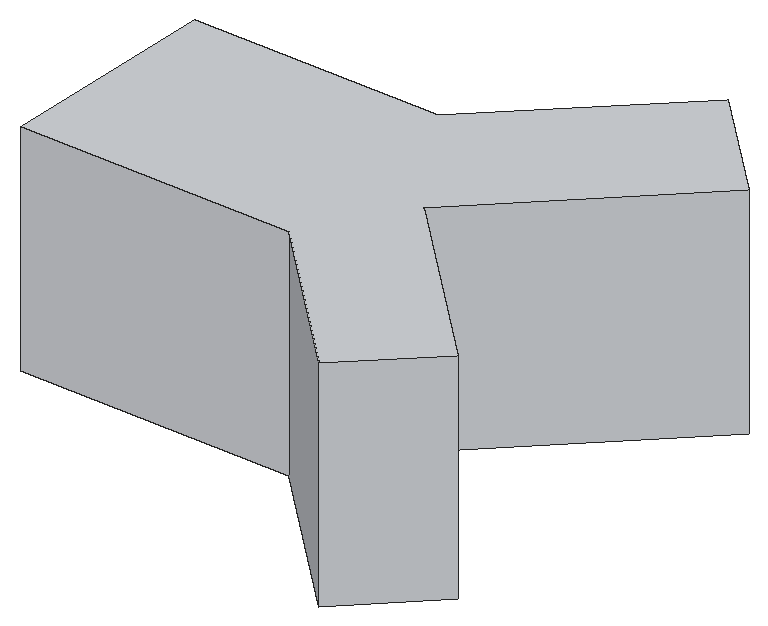
Revit family "M_Y retangular", category Conexões de duto, Revit 2019
Family settings
  Cota do conector redondo = Utilizar diâmetro
  Tipo de parte = Ipsílon
  Número OmniClass = 23.75.70.14
  Título OmniClass = Air Ductwork
  ID de item do Seek = Rectangular Wye-0000-CAN-ENU
  Com base no plano de trabalho = Não
  Sempre na vertical = Sim
  Corte com vazios quando carregada = Não
  Compartilhado = Não
Parameters (values of type "Padrão")
  Largura do meio duto 1 [instance] = Largura do duto 1 / 2  # 150 mm
  Largura do duto 3 [instance] = 150 mm
  Largura do duto 2 [instance] = 200 mm
  Largura do duto 1 [instance] = 300 mm
  Comprimento do duto 5 [instance] = Largura do duto 1 / 4  # 75 mm
  Comprimento do duto 4 [instance] = if(or(Ângulo 3 < 90.00°, Ângulo 3 = 90.00°), Largura do duto 3 / 2 / sin(Ângulo 3) - 25 mm, Largura do duto 3 / 2 * cos(180.00° - Ângulo 3))  # 81.066 mm
  Comprimento do duto 3 [instance] = if(or(Ângulo 2 < 90.00°, Ângulo 2 = 90.00°), Largura do duto 2 / 2 / sin(Ângulo 2) - 25 mm, Largura do duto 2 / 2 * cos(180.00° - Ângulo 2))  # 116.421 mm
  Comprimento do duto 2 [instance] = Largura do duto 1 + 125 mm  # 425 mm
  Comprimento do duto 1 [instance] = if(Largura do duto 3 > Largura do duto 2, Largura do duto 3 + 125 mm, Largura do duto 2 + 125 mm)  # 325 mm
  Altura do duto [instance] = 300 mm
  Ângulo 3 [instance] = 45.00°
  Ângulo 2 [instance] = 45.00°
Reference planes
  plane 1 "Centro (Frente/Trás)": y = 0
  plane 2: z = 0
  plane 3 "Centro (Esquerda/Direita)": x = 0
  plane 4: x = -325
  plane 5: x = 116.421
  plane 6: x = 81.066
  plane 7: y = 75
  plane 8: y = -75
Forms (mm)
  Sweep 1, solid, detail levels medium+fine
    path in 3D
      loop
        line (-325, 0, 0) -> (0, 0, 0)
    profile "M_Perfil do duto retangular : Duto - Retangular 1" origin (-162.5, 0, 0) x (0, 1, 0) y (0, 0, 1)
      loop
        line (-150, 150) -> (-150, -150) -> (150, -150) -> (150, 150) -> (-150, 150)
  Sweep 2, solid, detail levels medium+fine
    path in 3D
      loop
        line (0, 75, 0) -> (116.421, 75, 0)
    profile "M_Perfil do duto retangular : Duto - Meio retangular 1" origin (58.211, 75, 0) x (0, 1, 0) y (0, 0, 1)
      loop
        line (-75, 150) -> (-75, -150) -> (75, -150) -> (75, 150) -> (-75, 150)
  Sweep 3, solid, detail levels medium+fine
    path in 3D
      loop
        line (0, -75, 0) -> (81.066, -75, 0)
    profile "M_Perfil do duto retangular : Duto - Meio retangular 1" origin (40.533, -75, 0) x (0, 1, 0) y (0, 0, 1)
      loop
        line (-75, 150) -> (-75, -150) -> (75, -150) -> (75, 150) -> (-75, 150)
  Sweep 4, solid, detail levels medium+fine
    path in 3D
      loop
        line (0, 0, 0) -> (300.52, 300.52, 0)
    profile "M_Perfil do duto retangular : Duto - Retangular 2" origin (150.26, 150.26, 0) x (-0.707107, 0.707107, 0) y (0, 0, 1)
      loop
        line (-100, 150) -> (-100, -150) -> (100, -150) -> (100, 150) -> (-100, 150)
  Sweep 5, solid, detail levels medium+fine
    path in 3D
      loop
        line (0, 0, 0) -> (300.52, -300.52, 0)
    profile "M_Perfil do duto retangular : Duto - Retangular 3" origin (150.26, -150.26, 0) x (0.707107, 0.707107, 0) y (0, 0, 1)
      loop
        line (-75, 150) -> (-75, -150) -> (75, -150) -> (75, 150) -> (-75, 150)
Cuts and joins
  joined: Sweep 1, Sweep 2, Sweep 3, Sweep 4, Sweep 5
Lines and regions (mm)
  model lines, detail levels coarse
    curve 1: line (0, 0, 0) -> (300.52, 300.52, 0)
    curve 2: line (0, 0, 0) -> (300.52, -300.52, 0)
    curve 3: line (-325, 0, 0) -> (0, 0, 0)
  reference lines
    curve 4: line (0, 75, 0) -> (116.421, 75, 0)
    curve 5: line (0, -75, 0) -> (81.066, -75, 0)
  sketch lines
    curve 6: line (-325, 0, 0) -> (0, 0, 0)
    curve 7: line (0, 75, 0) -> (116.421, 75, 0)
    curve 8: line (0, -75, 0) -> (81.066, -75, 0)
    curve 9: line (0, 0, 0) -> (300.52, 300.52, 0)
    curve 10: line (0, 0, 0) -> (300.52, -300.52, 0)
Dimensions and locks
  "Comprimento do duto 1": plane 4 to plane 3 "Centro (Esquerda/Direita)"
  "Comprimento do duto 2": curve 1 to curve 1
  "Comprimento do duto 2": curve 2 to curve 2
  "Comprimento do duto 3": plane 3 "Centro (Esquerda/Direita)" to plane 5
  "Comprimento do duto 4": plane 3 "Centro (Esquerda/Direita)" to plane 6
  "Comprimento do duto 5": plane 1 "Centro (Frente/Trás)" to plane 7
  "Comprimento do duto 5": plane 1 "Centro (Frente/Trás)" to plane 8
  "Ângulo 2": angle plane 1 "Centro (Frente/Trás)" to curve 1
  "Ângulo 3": angle curve 2 to plane 1 "Centro (Frente/Trás)"
  aligned and locked: plane 1 "Centro (Frente/Trás)" to curve 2
  aligned and locked: plane 3 "Centro (Esquerda/Direita)" to curve 2
  aligned and locked: plane 4 to curve 3
  aligned and locked: plane 1 "Centro (Frente/Trás)" to curve 3
  aligned and locked: plane 3 "Centro (Esquerda/Direita)" to curve 4
  aligned and locked: plane 5 to curve 4
  aligned and locked: curve 4 to plane 7
  aligned and locked: plane 6 to curve 5
  aligned and locked: plane 3 "Centro (Esquerda/Direita)" to curve 5
  aligned and locked: curve 5 to plane 8
Connectors
  hvac at (-325, 0, 0), driven by "Largura do duto 1", driven by "Altura do duto"
    settings: on cut or joined group of Sweep 1, Sweep 2, Sweep 3, Sweep 4, Sweep 5, index 1, duct flow 0.0 L/s, flow factor 0, pres drop 0.0 Pa, loss coef 0, conn angle 0.00°, conn width 300 mm, conn height 300 mm, conn diameter 609.6 mm, duct sys type 28, conn prof type 1, flow config 0, flow direction 0, loss method 0, conn ref index -1, conn util no, is conn primary yes, conn desc ""
  hvac at (300.52, 300.52, 0), driven by "Largura do duto 2", driven by "Altura do duto", driven by "Ângulo 2"
    settings: on cut or joined group of Sweep 1, Sweep 2, Sweep 3, Sweep 4, Sweep 5, index 2, duct flow 0.0 L/s, flow factor 0, pres drop 0.0 Pa, loss coef 0, conn angle 45.00°, conn width 200 mm, conn height 300 mm, conn diameter 609.6 mm, duct sys type 28, conn prof type 1, flow config 0, flow direction 0, loss method 0, conn ref index -1, conn util no, is conn primary no, conn desc ""
  hvac at (300.52, -300.52, 0), driven by "Largura do duto 3", driven by "Altura do duto", driven by "Ângulo 3"
    settings: on cut or joined group of Sweep 1, Sweep 2, Sweep 3, Sweep 4, Sweep 5, index 3, duct flow 0.0 L/s, flow factor 0, pres drop 0.0 Pa, loss coef 0, conn angle 45.00°, conn width 150 mm, conn height 300 mm, conn diameter 609.6 mm, duct sys type 28, conn prof type 1, flow config 0, flow direction 0, loss method 0, conn ref index -1, conn util no, is conn primary no, conn desc ""
